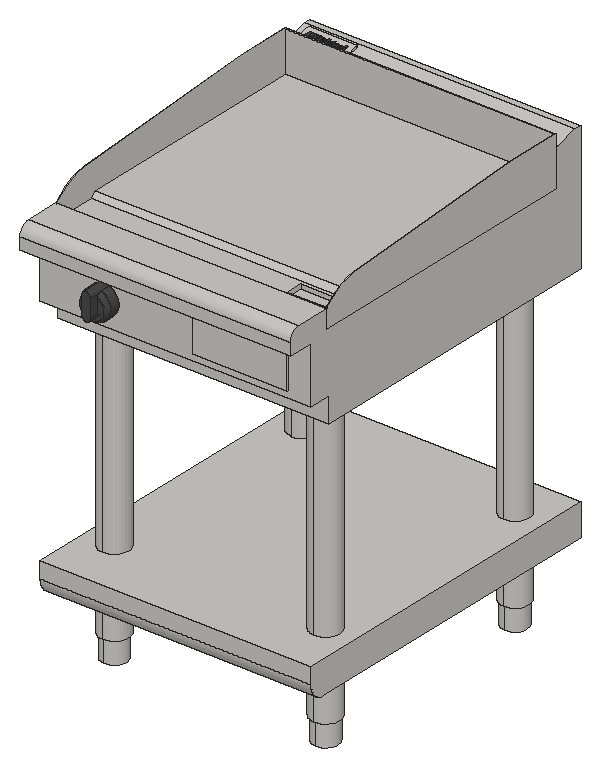
Revit family "QF_MOFFAT WALDORF_GPL8600E-LS", category Specialty Equipment, Revit 2012
Parameters
  Weight in Pounds = 260.1452  # constant formula
  Width [instance] = 600.00 mm  # constant formula
  Watts = 7200 W
  Volts = 240 V
  URL Cutsheet = "www.moffat.com"
  URL = "www.moffat.com"
  Type Mark [instance] = ""
  Status [instance] = ""
  Specification by User [instance] = ""
  Specification by Manufacturer = ""
  Show Logo [instance] = yes
  Show Casters [instance] = no
  Serial Number = ""
  Seismic Rating = ""
  SMACNA No = ""
  Revision Code [instance] = ""
  Phase = 1
  Omniclass Number and Title = ""
  Number of Poles = 1
  NAFEM Spec ID Number = ""
  Model = "GPL8600E-LS"
  Min Ckt Ampacity = 0 A
  Max Overcurrent Protection = 0 A
  Masterspec = ""
  Manufacturer = "MOFFAT WALDORF"
  Legs [instance] = not(Show Casters)  # yes
  Item Number [instance] = ""
  Installed By [instance] = ""
  Identify Quantity as Lot [instance] = yes
  Height = 970.00 mm  # constant formula
  HP = ""
  Furnished By [instance] = ""
  Foodservice Equipment Identifier [instance] = yes
  FL Amps = 30 A
  Elec Conn RI Height = 0.00 mm
  Elec Conn Connection Height = 0.00 mm
  Description = "GRIDDLE PLATE LOW SPLASHBACK ELECTRIC ON LEG STAND"
  Depth [instance] = 805.00 mm  # constant formula
  Cycle = 50 Hz
  Conn Plug = ""
  Conn Conduit = yes
  CSI MasterFormat = ""
  CSI Master Format = ""
  Back Splash [instance] = 215.00 mm  # constant formula
  Apparent Power = if(Phase = 3, Volts * FL Amps * 1.73, Volts * FL Amps)  # 7200 VA
Reference planes
  plane 1 "BACK": y = 0
  plane 2: z = 0
  plane 3 "LEFT": x = 0
  plane 4 "RIGHT": x = 600
  plane 5 "FRONT": y = -805
  plane 6 "TOP": z = 970
  plane 7 "Center Y": x = 300
  plane 8 "Center X": y = -402.5
  plane 9 "Base Height": z = 150
  plane 10: z = 915
  plane 11: x = 65
  plane 12: x = 534
  plane 13: y = -625
  plane 14: y = -100
  plane 15: x = 470
  plane 16: z = 710
  plane 17: y = -32
Forms (mm)
  Extrusion 1, solid, material "QF_Finishes_Stainless Steel"
    sketch origin (0, 0, 0) x (0, 1, 0) y (0, 0, 1)
      loop
        line (0, 222.5) -> (-749, 222.5) -> (-749, 188)
        arc (-749, 188) -> (-737.87, 161.13) -> (-711, 150) r 38
        line (-711, 150) -> (0, 150) -> (0, 222.5)
      loop
        line (-805, 891) -> (-805, 866) -> (-749, 866) -> (-749, 740) -> (-699, 740) -> (-699, 685) -> (0, 685) -> (0, 970) -> (-15, 970) -> (-61.106, 957.646)
        arc (-61.106, 957.646) -> (-67.52, 953.36) -> (-70, 946.055) r 12
        line (-70, 946.055) -> (-70, 875) -> (-705, 875) -> (-705, 915) -> (-781, 915)
        arc (-781, 915) -> (-797.971, 907.971) -> (-805, 891) r 24
    from 0 to 600
  Extrusion 2, solid, material "QF_Finishes_Stainless Steel"
    sketch origin (0, -699, 222.5) x (0, -1, 0) y (1, 0, 0)
      loop
        circle (-599, 65) r 31.75
      loop
        circle (-599, 534) r 31.75
      loop
        circle (-74, 65) r 31.75
      loop
        circle (-74, 534) r 31.75
    from 0 to 462.5
  Revolve 3, solid, material "QF_Finishes_Stainless Steel", visible <- "Legs"
    sketch origin (534, -210, 0) x (0, 1, 0) y (0, 0, -1)
      loop
        line (78.25, -150) -> (110, -150) -> (110, 0) -> (82.5, 0) -> (82.5, -50) -> (78.25, -50) -> (78.25, -150)
      axis (110, -150) -> (110, 0)
    angle from 0 to 360
  Revolve 4, solid, material "QF_Finishes_Stainless Steel"
    sketch origin (534, -735, 0) x (0, 1, 0) y (0, 0, -1)
      loop
        line (78.25, -150) -> (110, -150) -> (110, 0) -> (82.5, 0) -> (82.5, -50) -> (78.25, -50) -> (78.25, -150)
      axis (110, -150) -> (110, 0)
    angle from 0 to 360
  Revolve 5, solid, material "QF_Finishes_Stainless Steel", visible <- "Legs"
    sketch origin (65, -210, 0) x (0, 1, 0) y (0, 0, -1)
      loop
        line (78.25, -150) -> (110, -150) -> (110, 0) -> (82.5, 0) -> (82.5, -50) -> (78.25, -50) -> (78.25, -150)
      axis (110, -150) -> (110, 0)
    angle from 0 to 360
  Revolve 6, solid, material "QF_Finishes_Stainless Steel"
    sketch origin (65, -735, 0) x (0, 1, 0) y (0, 0, -1)
      loop
        line (78.25, -150) -> (110, -150) -> (110, 0) -> (82.5, 0) -> (82.5, -50) -> (78.25, -50) -> (78.25, -150)
      axis (110, -150) -> (110, 0)
    angle from 0 to 360
  Revolve 7, solid, material "QF_Finishes_Black"
    sketch origin (150, 0, 602.373) x (0, 1, 0) y (0, 0, -1)
      loop
        line (-782, -229.5) -> (-759, -229.5) -> (-759, -202) -> (-749, -202) -> (-749, -197) -> (-793, -197) -> (-793, -223.651) -> (-782, -229.5)
      axis (-793, -197) -> (-749, -197)
    angle from 0 to 360
  Extrusion 8, solid, material "QF_Finishes_Black"
    sketch origin (288.27, 0, 602.531) x (-1, 0, 0) y (0, 0, -1)
      loop
        arc (148.269, -184.969) -> (138.269, -174.969) -> (128.269, -184.969) r 10
        line (128.269, -184.969) -> (128.269, -223.969)
        arc (128.269, -223.969) -> (138.269, -233.969) -> (148.269, -223.969) r 10
        line (148.269, -223.969) -> (148.269, -184.969)
    from 759 to 808
  Extrusion 9, solid, material "QF_Finishes_Stainless Steel"
    sketch origin (0, -749, 866) x (0, 0, -1) y (1, 0, 0)
      loop
        line (24, 340) -> (111, 340) -> (111, 550) -> (24, 550) -> (24, 340)
    from 0 to 2.5
  Extrusion 10, solid, material "QF_Finishes_Stainless Steel"
    sketch origin (0, -751.5, 866) x (0, 0, -1) y (1, 0, 0)
      loop
        line (31, 550) -> (24, 550) -> (24, 340) -> (31, 340) -> (31, 550)
    from 0 to 5
  Extrusion 11, void
    sketch origin (0, -704, 740) x (1, 0, 0) y (0, -1, 0)
      loop
        circle (469.998, -672.017) r 10
    from 30 to 86.329
Cuts and joins
  joined: Extrusion 9, Extrusion 10
  Extrusion 11 cuts Extrusion 1
Lines and regions (mm)
  Split face 1
    outline origin (12.5, -17.878, 969.229) x (0, -0.965926, -0.258819) y (1, 0, 0)
      loop
        line (2.411, 151.462) -> (37.194, 151.462) -> (37.194, 169.241) -> (2.411, 169.241) -> (2.411, 151.462)
  Split face 2
    outline origin (66.25, -17.878, 969.229) x (0, -0.965926, -0.258819) y (1, 0, 0)
      loop
        line (2.411, 151.462) -> (37.194, 151.462) -> (37.194, 169.241) -> (2.411, 169.241) -> (2.411, 151.462)
  Split face 3
    outline origin (120, -17.878, 969.229) x (0, -0.965926, -0.258819) y (1, 0, 0)
      loop
        line (2.411, 151.462) -> (37.194, 151.462) -> (37.194, 169.241) -> (2.411, 169.241) -> (2.411, 151.462)
  Split face 4
    outline origin (173.75, -17.878, 969.229) x (0, -0.965926, -0.258819) y (1, 0, 0)
      loop
        line (2.411, 151.462) -> (37.194, 151.462) -> (37.194, 169.241) -> (2.411, 169.241) -> (2.411, 151.462)
  Split face 5
    outline origin (227.5, -17.878, 969.229) x (0, -0.965926, -0.258819) y (1, 0, 0)
      loop
        line (2.411, 151.462) -> (37.194, 151.462) -> (37.194, 169.241) -> (2.411, 169.241) -> (2.411, 151.462)
  Split face 6
    outline origin (281.25, -17.878, 969.229) x (0, -0.965926, -0.258819) y (1, 0, 0)
      loop
        line (2.411, 151.462) -> (37.194, 151.462) -> (37.194, 169.241) -> (2.411, 169.241) -> (2.411, 151.462)
  Split face 7
    outline origin (335, -17.878, 969.229) x (0, -0.965926, -0.258819) y (1, 0, 0)
      loop
        line (2.411, 151.462) -> (37.194, 151.462) -> (37.194, 169.241) -> (2.411, 169.241) -> (2.411, 151.462)
  symbolic lines
    curve 1: line (0, 0, 0) -> (0, -805, 0)
    curve 2: line (600, 0, 0) -> (0, 0, 0)
    curve 3: line (600, -805, 0) -> (600, 0, 0)
    curve 4: line (0, -70, 0) -> (600, -70, 0)
    curve 5: line (0, -805, 0) -> (600, -805, 0)
    curve 6: line (12.5, -20.958, 0) -> (121.5, -20.958, 0)
    curve 7: line (12.5, -51.234, 0) -> (12.5, -20.958, 0)
    curve 8: line (121.5, -20.958, 0) -> (121.5, -51.234, 0)
    curve 9: line (12.5, -51.234, 0) -> (121.5, -51.234, 0)
    curve 10: line (181.741, -21.168, 0) -> (181.741, -51.453, 0)
    curve 11: line (181.741, -51.453, 0) -> (163.962, -51.453, 0)
    curve 12: line (163.962, -51.453, 0) -> (163.962, -21.168, 0)
    curve 13: line (163.962, -21.168, 0) -> (181.741, -21.168, 0)
    curve 14: line (217.712, -51.453, 0) -> (217.712, -21.168, 0)
    curve 15: line (217.712, -21.168, 0) -> (235.491, -21.168, 0)
    curve 16: line (235.491, -21.168, 0) -> (235.491, -51.453, 0)
    curve 17: line (235.491, -51.453, 0) -> (217.712, -51.453, 0)
    curve 18: line (271.462, -51.453, 0) -> (271.462, -21.168, 0)
    curve 19: line (271.462, -21.168, 0) -> (289.241, -21.168, 0)
    curve 20: line (289.241, -21.168, 0) -> (289.241, -51.453, 0)
    curve 21: line (289.241, -51.453, 0) -> (271.462, -51.453, 0)
    curve 22: line (325.212, -21.168, 0) -> (325.212, -51.453, 0)
    curve 23: line (325.212, -51.453, 0) -> (342.991, -51.453, 0)
    curve 24: line (342.991, -51.453, 0) -> (342.991, -21.168, 0)
    curve 25: line (342.991, -21.168, 0) -> (325.212, -21.168, 0)
    curve 26: line (378.962, -51.453, 0) -> (378.962, -21.168, 0)
    curve 27: line (378.962, -21.168, 0) -> (396.741, -21.168, 0)
    curve 28: line (396.741, -21.168, 0) -> (396.741, -51.453, 0)
    curve 29: line (396.741, -51.453, 0) -> (378.962, -51.453, 0)
    curve 30: line (432.712, -21.168, 0) -> (432.712, -51.453, 0)
    curve 31: line (432.712, -51.453, 0) -> (450.491, -51.453, 0)
    curve 32: line (450.491, -51.453, 0) -> (450.491, -21.168, 0)
    curve 33: line (450.491, -21.168, 0) -> (432.712, -21.168, 0)
    curve 34: line (486.462, -51.453, 0) -> (486.462, -21.168, 0)
    curve 35: line (486.462, -21.168, 0) -> (504.241, -21.168, 0)
    curve 36: line (504.241, -21.168, 0) -> (504.241, -51.453, 0)
    curve 37: line (504.241, -51.453, 0) -> (486.462, -51.453, 0)
Dimensions and locks
  equal spacing: plane 3 "LEFT", plane 7 "Center Y", plane 4 "RIGHT"
  "Width": plane 3 "LEFT" to plane 4 "RIGHT"
  equal spacing: plane 5 "FRONT", plane 8 "Center X", plane 1 "BACK"
  "Depth": plane 5 "FRONT" to plane 1 "BACK"
  locked: plane 10 to level at 915
  locked: plane 9 "Base Height" to level at 150
  nested 1 to plane 6 "TOP" to nested 1 to plane 10 = 0.283 mm locked, 8.727 mm locked, 46.273 mm locked
  plane 13 to plane 14 = 525.00 mm
  plane 12 to plane 11 = 469.00 mm
  "Height": plane 6 "TOP" to level
  plane 15 to plane 4 "RIGHT" = 130.00 mm
  plane 16 to level = 710.00 mm
  plane 17 to plane 1 "BACK" = 32.00 mm
  aligned and locked: level to plane 2
Automatic sketch dimensions
  plane 1 "BACK" to curve 1 = 0.00 mm
  curve 1 to plane 3 "LEFT" = 0.00 mm
  curve 3 to plane 4 "RIGHT" = 0.00 mm
  plane 5 "FRONT" to curve 5 = 0.00 mm
  plane 3 "LEFT" to curve 6 = 12.50 mm
  plane 11 to curve 9 = 56.50 mm
  plane 14 to curve 4 = 30.00 mm
  curve 4 to curve 7 = 18.766 mm
  plane 1 "BACK" to curve 6 = 20.958 mm
  Extrusion 1 sketch curve to plane 5 "FRONT" = 0.00 mm
  Extrusion 1 sketch curve to plane 10 = 0.00 mm
  Extrusion 1 sketch curve to plane 9 "Base Height" = 0.00 mm
  Extrusion 1 sketch curve to plane 6 "TOP" = 0.00 mm
  Extrusion 1 sketch curve to plane 1 "BACK" = 0.00 mm  (x2)
  Extrusion 1 sketch curve to plane 5 "FRONT" = 24.00 mm
  Extrusion 1 sketch curve to plane 5 "FRONT" = 56.00 mm  (x2)
  Extrusion 1 sketch curve to Extrusion 1 sketch curve = 38.00 mm
  Extrusion 1 sketch curve to Extrusion 1 sketch curve = 44.00 mm
  Extrusion 1 sketch curve to Extrusion 1 sketch curve = 50.00 mm
  plane 14 to Extrusion 1 sketch curve = 30.00 mm
  Extrusion 1 sketch curve to Extrusion 1 sketch curve = 8.894 mm
  Extrusion 1 sketch curve to Extrusion 1 sketch curve = 3.106 mm
  Extrusion 1 sketch curve to Extrusion 1 sketch curve = 15.00 mm
  Extrusion 1 sketch curve to Extrusion 1 sketch curve = 72.50 mm
  Extrusion 1 sketch curve to plane 10 = 230.00 mm
  Extrusion 1 sketch curve to Extrusion 1 sketch curve = 55.00 mm
  Extrusion 1 sketch curve to Extrusion 1 sketch curve = 25.00 mm
  Extrusion 1 sketch curve to plane 10 = 40.00 mm
  Extrusion 1 sketch curve to plane 6 "TOP" = 23.945 mm
  Extrusion 2 sketch curve to Extrusion 2 sketch curve = 0.00 mm  (x8)
  Extrusion 1 to Extrusion 2 sketch curve = 68.25 mm  (x2)
  Extrusion 2 sketch curve to Extrusion 2 sketch curve = 31.75 mm  (x4)
  Extrusion 1 to Extrusion 2 sketch curve = 155.75 mm  (x2)
  Extrusion 1 to Extrusion 2 sketch curve = 65.00 mm  (x2)
  Extrusion 1 to Extrusion 2 sketch curve = 66.00 mm  (x2)
  Revolve 3 sketch curve to plane 9 "Base Height" = 0.00 mm
  Revolve 3 sketch curve to level = 0.00 mm
  Revolve 3 sketch curve to plane 14 = 0.00 mm  (x2)
  Revolve 3 sketch curve to plane 14 = 27.50 mm
  Revolve 3 sketch curve to plane 14 = 31.75 mm
  level to Revolve 3 sketch curve = 50.00 mm
  Revolve 3 sketch curve to Revolve 3 sketch curve = 0.00 mm
  Revolve 3 sketch curve to Revolve 3 sketch curve = 55.00 mm
  Revolve 4 sketch curve to plane 9 "Base Height" = 0.00 mm
  Revolve 4 sketch curve to level = 0.00 mm
  Revolve 4 sketch curve to plane 13 = 0.00 mm  (x2)
  Revolve 4 sketch curve to plane 13 = 27.50 mm
  Revolve 4 sketch curve to plane 13 = 31.75 mm
  level to Revolve 4 sketch curve = 50.00 mm
  Revolve 4 sketch curve to Revolve 4 sketch curve = 0.00 mm
  Revolve 4 sketch curve to Revolve 4 sketch curve = 55.00 mm
  Revolve 5 sketch curve to plane 9 "Base Height" = 0.00 mm
  Revolve 5 sketch curve to level = 0.00 mm
  Revolve 5 sketch curve to plane 14 = 0.00 mm  (x2)
  Revolve 5 sketch curve to plane 14 = 27.50 mm
  Revolve 5 sketch curve to plane 14 = 31.75 mm
  level to Revolve 5 sketch curve = 50.00 mm
  Revolve 5 sketch curve to Revolve 5 sketch curve = 0.00 mm
  Revolve 5 sketch curve to Revolve 5 sketch curve = 55.00 mm
  Revolve 6 sketch curve to plane 9 "Base Height" = 0.00 mm
  Revolve 6 sketch curve to level = 0.00 mm
  Revolve 6 sketch curve to plane 13 = 0.00 mm  (x2)
  Revolve 6 sketch curve to plane 13 = 27.50 mm
  Revolve 6 sketch curve to plane 13 = 31.75 mm
  level to Revolve 6 sketch curve = 50.00 mm
  Revolve 6 sketch curve to Revolve 6 sketch curve = 0.00 mm
  Revolve 6 sketch curve to Revolve 6 sketch curve = 55.00 mm
  Extrusion 1 to Split face 1 sketch curve = 5.391 mm
  Split face 1 sketch curve to Extrusion 1 = 7.559 mm
  Split face 1 sketch curve to Extrusion 1 = 163.962 mm
  Split face 1 sketch curve to Split face 1 sketch curve = 17.779 mm
  Extrusion 1 to Split face 2 sketch curve = 5.391 mm
  Split face 2 sketch curve to Extrusion 1 = 7.559 mm
  Split face 2 sketch curve to Extrusion 1 = 217.712 mm
  Split face 2 sketch curve to Split face 2 sketch curve = 17.779 mm
  Extrusion 1 to Split face 3 sketch curve = 5.391 mm
  Split face 3 sketch curve to Extrusion 1 = 7.559 mm
  Split face 3 sketch curve to Extrusion 1 = 271.462 mm
  Split face 3 sketch curve to Split face 3 sketch curve = 17.779 mm
  Extrusion 1 to Split face 4 sketch curve = 5.391 mm
  Split face 4 sketch curve to Extrusion 1 = 7.559 mm
  Split face 4 sketch curve to Extrusion 1 = 274.788 mm
  Split face 4 sketch curve to Split face 4 sketch curve = 17.779 mm
  Extrusion 1 to Split face 5 sketch curve = 5.391 mm
  Split face 5 sketch curve to Extrusion 1 = 7.559 mm
  Split face 5 sketch curve to Extrusion 1 = 221.038 mm
  Split face 5 sketch curve to Split face 5 sketch curve = 17.779 mm
  Extrusion 1 to Split face 6 sketch curve = 5.391 mm
  Split face 6 sketch curve to Extrusion 1 = 7.559 mm
  Split face 6 sketch curve to Extrusion 1 = 167.288 mm
  Split face 6 sketch curve to Split face 6 sketch curve = 17.779 mm
  Extrusion 1 to Split face 7 sketch curve = 5.391 mm
  Split face 7 sketch curve to Extrusion 1 = 7.559 mm
  Split face 7 sketch curve to Extrusion 1 = 113.538 mm
  Split face 7 sketch curve to Split face 7 sketch curve = 17.779 mm
  curve 8 to curve 12 = 42.462 mm
  curve 12 to curve 13 = 17.779 mm
  curve 12 to curve 8 = 0.219 mm
  plane 1 "BACK" to curve 10 = 21.168 mm
  curve 10 to curve 15 = 35.971 mm
  curve 14 to curve 17 = 17.779 mm
  curve 10 to curve 17 = 0.00 mm
  plane 1 "BACK" to curve 15 = 21.168 mm
  curve 18 to plane 7 "Center Y" = 28.538 mm
  curve 21 to plane 7 "Center Y" = 10.759 mm
  curve 16 to curve 18 = 0.00 mm
  plane 1 "BACK" to curve 20 = 21.168 mm
  plane 7 "Center Y" to curve 23 = 25.212 mm
  curve 22 to curve 25 = 17.779 mm
  plane 14 to curve 24 = 48.547 mm
  plane 1 "BACK" to curve 25 = 21.168 mm
  curve 24 to curve 27 = 35.971 mm
  curve 26 to curve 29 = 17.779 mm
  plane 14 to curve 29 = 48.547 mm
  plane 1 "BACK" to curve 26 = 21.168 mm
  curve 28 to curve 30 = 35.971 mm
  curve 30 to curve 33 = 17.779 mm
  plane 14 to curve 32 = 48.547 mm
  plane 1 "BACK" to curve 33 = 21.168 mm
  curve 31 to curve 34 = 35.971 mm
  curve 34 to curve 37 = 17.779 mm
  plane 14 to curve 37 = 48.547 mm
  plane 1 "BACK" to curve 34 = 21.168 mm
  Revolve 7 sketch curve to plane 5 "FRONT" = 12.00 mm
  Revolve 7 sketch curve to Revolve 7 sketch curve = 0.00 mm  (x2)
  Revolve 7 sketch curve to Revolve 7 sketch curve = 11.00 mm
  Revolve 7 sketch curve to Revolve 7 sketch curve = 12.70 mm
  Revolve 7 sketch curve to Revolve 7 sketch curve = 23.00 mm
  Revolve 7 sketch curve to Revolve 7 sketch curve = 10.00 mm
  plane 9 "Base Height" to Revolve 7 sketch curve = 681.873 mm
  Revolve 7 sketch curve to Revolve 7 sketch curve = 5.849 mm
  Revolve 7 sketch curve to Revolve 7 sketch curve = 27.50 mm
  Revolve 7 sketch curve to Revolve 7 sketch curve = 5.00 mm
  plane 11 to Extrusion 8 sketch curve = 95.001 mm
  Extrusion 8 sketch curve to Extrusion 8 sketch curve = 10.00 mm
  plane 9 "Base Height" to Extrusion 8 sketch curve = 676.50 mm
  plane 9 "Base Height" to Extrusion 8 sketch curve = 637.50 mm
  Extrusion 10 sketch curve to Extrusion 9 = 0.00 mm  (x2)
  Extrusion 9 to Extrusion 10 sketch curve = 0.00 mm
  Extrusion 10 sketch curve to Extrusion 9 = 7.00 mm
  Extrusion 1 to Extrusion 9 sketch curve = 24.00 mm
  Extrusion 9 sketch curve to Extrusion 1 = 15.00 mm
  Extrusion 1 to Extrusion 9 sketch curve = 260.00 mm
  Extrusion 1 to Extrusion 9 sketch curve = 50.00 mm
  Extrusion 11 sketch curve to Extrusion 1 = 130.002 mm
  Extrusion 11 sketch curve to Extrusion 1 = 667.017 mm
  radius of Extrusion 11 sketch curve = 10.00 mm
Nested families
  nested 1: "WALDORF-LOGO" at (12.5, -35.273, 948.036), visible <- "Show Logo", type "WALDORF-LOGO", detail levels medium+fine
    with Type Mark "", Status "", Specification by User "", Revision Code "", Item Number "", Installed By "", Identify Quantity as Lot yes, Furnished By "", Foodservice Equipment Identifier yes
  nested 2: "GPL8600E-LS-CASTERS" at (65, -127.5, 0), Show Casters <- "Show Casters", visible <- "Show Casters", type "GPL8600E-LS-CASTERS"
    with Type Mark "", Status "", Specification by User "", Show Casters no, Revision Code "", Item Number "", Installed By "", Identify Quantity as Lot yes, Furnished By "", Foodservice Equipment Identifier yes
  nested 3: "GPL8600E-LS-CASTERS" at (535, -127.5, 0), Show Casters <- "Show Casters", visible <- "Show Casters", type "GPL8600E-LS-CASTERS"
    with Type Mark "", Status "", Specification by User "", Show Casters no, Revision Code "", Item Number "", Installed By "", Identify Quantity as Lot yes, Furnished By "", Foodservice Equipment Identifier yes
  nested 4: "GAS GRIDDLE PLATE" at (0, -70, 874.5), type "GAS GRIDDLE PLATE"
    with Type Mark "", Status "", Specification by User "", Show Clearance yes, Revision Code "", Number of Poles 1, Mechanical Remarks "", Mechanical Connection Type "", Item Number "", Installed By "", Identify Quantity as Lot yes, Gas RI Height 0.00 mm, Gas KW 0, Gas Input 0.0 Btu/h, Furnished By "", Foodservice Equipment Identifier yes, Electrical Remarks "", Electric Connection Type "", Elec Conn RI Height 0.00 mm, Elec Conn Connection Height 0.00 mm
Connectors
  electrical at (469.998, -31.983, 710), driven by "Volts", driven by "Watts"
    settings: on cut or joined group of Extrusion 1, Extrusion 11, index 1, voltage 240 V, apparent load 7200 VA, apparent load phase1 0 VA, apparent load phase2 0 VA, apparent load phase3 0 VA, power factor 1, load classification "Other", number of poles 1, system type 30, power factor state 1, is connector primary yes, connector utility no, sub classification motor no, connector description "ELECTRICAL CONNECTION"
Definition of nested family "WALDORF-LOGO"
  Parameters (values of type "WALDORF-LOGO")
    Weight in Pounds = 0
    URL Cutsheet = ""
    Type Mark [instance] = ""
    Status [instance] = ""
    Specification by User [instance] = ""
    Specification by Manufacturer = ""
    Show Logo [instance] = yes
    Serial Number = ""
    Seismic Rating = ""
    SMACNA No = ""
    Revision Code [instance] = ""
    Omniclass Number and Title = ""
    NAFEM Spec ID Number = ""
    Masterspec = ""
    Item Number [instance] = ""
    Installed By [instance] = ""
    Identify Quantity as Lot [instance] = yes
    Furnished By [instance] = ""
    Foodservice Equipment Identifier [instance] = yes
    CSI MasterFormat = ""
    CSI Master Format = ""
  Reference planes
    plane 1 "BACK": y = 0
    plane 2: z = 0
    plane 3 "LEFT": x = 0
    plane 4 "RIGHT": x = 109
    plane 5 "FRONT": y = -1.588
    plane 6 "TOP": z = 34.14
    plane 7 "Center Y": x = 54.5
    plane 8 "Center X": y = -0.794
  Forms (mm)
    Extrusion 1, solid, material "QF_Finishes_Stainless Steel", visible <- "Show Logo"
      sketch origin (0, -16.844, 11.705) x (1, 0, 0) y (0, 0.964546, 0.263916)
        loop
          arc (5, 34.14) -> (1.464, 32.676) -> (0, 29.14) r 5
          line (0, 29.14) -> (0, 5)
          arc (0, 5) -> (1.464, 1.464) -> (5, 0) r 5
          line (5, 0) -> (104, 0)
          arc (104, 0) -> (107.536, 1.464) -> (109, 5) r 5
          line (109, 5) -> (109, 29.14)
          arc (109, 29.14) -> (107.536, 32.676) -> (104, 34.14) r 5
          line (104, 34.14) -> (5, 34.14)
      from 0 to 1.588
    Extrusion 2, solid, material "QF_Finishes_Black", visible <- "Show Logo"
      sketch origin (0, -17.263, 13.237) x (1, 0, 0) y (0, 0.964546, 0.263916)
        loop
          line (24.772, 23.214) -> (27.992, 10.301) -> (31.551, 10.301) -> (33.443, 17.364) -> (35.205, 10.301) -> (39.332, 10.301) -> (42.077, 23.214) -> (38.352, 23.214) -> (36.676, 15.33) -> (35, 23.214) -> (31.752, 23.214) -> (30.076, 15.33) -> (28.4, 23.214) -> (24.772, 23.214)
        loop
          line (42.272, 17.055) -> (45.703, 17.055)
          spline (45.703, 17.055) -> (45.741, 17.285) -> (45.852, 17.499) -> (46.028, 17.682) -> (46.258, 17.823) -> (46.526, 17.912) -> (46.813, 17.942) -> (47.1, 17.912) -> (47.368, 17.823) -> (47.597, 17.682) -> (47.774, 17.499) -> (47.884, 17.285) -> (47.922, 17.055)
          line (47.922, 17.055) -> (47.922, 16.222)
          arc (47.922, 16.222) -> (45.742, 16.014) -> (43.665, 15.317) r 9.604
          arc (43.665, 15.317) -> (41.924, 12.809) -> (43.665, 10.301) r 2.677
          arc (43.665, 10.301) -> (45.527, 10.353) -> (47.332, 10.816) r 8.365
          line (47.332, 10.816) -> (48.092, 11.105) -> (48.092, 10.301) -> (51.817, 10.301) -> (51.817, 17.055)
          spline (51.817, 17.055) -> (51.654, 17.821) -> (51.178, 18.535) -> (50.419, 19.148) -> (49.431, 19.619) -> (48.28, 19.914) -> (47.044, 20.015) -> (45.809, 19.914) -> (44.658, 19.619) -> (43.67, 19.148) -> (42.911, 18.535) -> (42.434, 17.821) -> (42.272, 17.055)
        loop
          line (53.151, 23.214) -> (53.151, 10.301) -> (57.37, 10.301) -> (57.37, 23.214) -> (53.151, 23.214)
        loop
          line (64.874, 23.214) -> (64.874, 18.857)
          arc (64.874, 18.857) -> (58.083, 15.11) -> (64.874, 11.363) r 4.429
          line (64.874, 11.363) -> (64.874, 10.301) -> (68.378, 10.301) -> (68.378, 23.214) -> (64.874, 23.214)
        loop
          arc (64.874, 16.083) -> (61.41, 14.987) -> (64.874, 13.891) r 1.905
          line (64.874, 13.891) -> (64.874, 16.083)
        loop
          circle (74.623, 15.223) r 5
        loop
          spline (74.623, 17.856) -> (74.355, 17.766) -> (74.105, 17.503) -> (73.891, 17.084) -> (73.726, 16.539) -> (73.623, 15.904) -> (73.588, 15.223) -> (73.623, 14.541) -> (73.726, 13.906) -> (73.891, 13.361) -> (74.105, 12.942) -> (74.355, 12.679) -> (74.623, 12.59)
          spline (74.623, 12.59) -> (74.891, 12.679) -> (75.141, 12.942) -> (75.355, 13.361) -> (75.52, 13.906) -> (75.623, 14.541) -> (75.659, 15.223) -> (75.623, 15.904) -> (75.52, 16.539) -> (75.355, 17.084) -> (75.141, 17.503) -> (74.891, 17.766) -> (74.623, 17.856)
        loop
          line (81.255, 19.813) -> (81.255, 10.301) -> (84.834, 10.301) -> (84.834, 14.176)
          arc (84.834, 14.176) -> (85.854, 16.093) -> (88.013, 16.32) r 2.313
          line (88.013, 16.32) -> (88.013, 19.813) -> (87.161, 19.813)
          arc (87.161, 19.813) -> (85.526, 19.266) -> (84.549, 17.844) r 2.717
          line (84.549, 17.844) -> (84.549, 19.813) -> (81.255, 19.813)
        loop
          line (90.249, 19.813) -> (88.91, 19.813) -> (88.91, 17.614) -> (90.249, 17.614) -> (90.249, 10.301) -> (93.998, 10.301) -> (93.998, 17.614) -> (95.418, 17.614) -> (95.418, 19.813) -> (93.998, 19.813)
          arc (93.998, 19.813) -> (94.414, 20.817) -> (95.418, 21.233) r 1.42
          line (95.418, 21.233) -> (95.418, 23.602) -> (93.317, 23.602)
          arc (93.317, 23.602) -> (91.343, 22.903) -> (90.249, 21.118) r 3.137
          line (90.249, 21.118) -> (90.249, 19.813)
        loop
          arc (15.241, 23.571) -> (8.392, 16.525) -> (15.241, 9.479) r 7.049
          line (15.241, 9.479) -> (15.241, 23.571)
        loop
          line (15.641, 23.571) -> (15.641, 9.479)
          arc (15.641, 9.479) -> (22.49, 16.525) -> (15.641, 23.571) r 7.049
        loop
          arc (47.922, 14.711) -> (46.266, 13.749) -> (47.922, 12.787) r 1.107
          line (47.922, 12.787) -> (47.922, 14.711)
      from 0 to 0.2
  Dimensions and locks
    equal spacing: plane 3 "LEFT", plane 7 "Center Y", plane 4 "RIGHT"
    plane 3 "LEFT" to plane 4 "RIGHT" = 109.00 mm
    equal spacing: plane 5 "FRONT", plane 8 "Center X", plane 1 "BACK"
    plane 5 "FRONT" to plane 1 "BACK" = 1.588 mm
    aligned and locked: level to plane 2
  Automatic sketch dimensions
    Extrusion 1 sketch curve to plane 3 "LEFT" = 0.00 mm
    Extrusion 1 sketch curve to plane 4 "RIGHT" = 0.00 mm
    plane 3 "LEFT" to Extrusion 1 sketch curve = 5.00 mm  (x2)
    plane 4 "RIGHT" to Extrusion 1 sketch curve = 5.00 mm
    Extrusion 1 sketch curve to Extrusion 1 sketch curve = 5.00 mm
    Extrusion 1 sketch curve to Extrusion 1 sketch curve = 24.14 mm
    Extrusion 2 sketch curve to Extrusion 2 sketch curve = 0.00 mm  (x14)
    Extrusion 2 sketch curve to Extrusion 1 = 15.241 mm
    Extrusion 2 sketch curve to Extrusion 2 sketch curve = 0.20 mm
    Extrusion 2 sketch curve to Extrusion 2 sketch curve = 0.40 mm
    Extrusion 2 sketch curve to Extrusion 2 sketch curve = 9.131 mm
    Extrusion 2 sketch curve to Extrusion 1 = 10.301 mm  (x2)
    Extrusion 2 sketch curve to Extrusion 2 sketch curve = 12.351 mm
    Extrusion 2 sketch curve to Extrusion 2 sketch curve = 3.628 mm
    Extrusion 2 sketch curve to Extrusion 2 sketch curve = 2.084 mm
    Extrusion 2 sketch curve to Extrusion 2 sketch curve = 3.559 mm
    Extrusion 2 sketch curve to Extrusion 1 = 10.926 mm  (x2)
    Extrusion 2 sketch curve to Extrusion 2 sketch curve = 3.352 mm  (x2)
    Extrusion 2 sketch curve to Extrusion 2 sketch curve = 3.367 mm
    Extrusion 2 sketch curve to Extrusion 2 sketch curve = 3.249 mm
    Extrusion 2 sketch curve to Extrusion 2 sketch curve = 3.654 mm
    Extrusion 2 sketch curve to Extrusion 1 = 15.33 mm
    Extrusion 2 sketch curve to Extrusion 2 sketch curve = 3.233 mm
    Extrusion 2 sketch curve to Extrusion 2 sketch curve = 4.128 mm
    Extrusion 2 sketch curve to Extrusion 2 sketch curve = 3.725 mm
    Extrusion 2 sketch curve to Extrusion 2 sketch curve = 5.596 mm
    Extrusion 2 sketch curve to Extrusion 2 sketch curve = 4.333 mm
    Extrusion 2 sketch curve to Extrusion 2 sketch curve = 1.394 mm
    Extrusion 2 sketch curve to Extrusion 2 sketch curve = 2.092 mm
    Extrusion 2 sketch curve to Extrusion 2 sketch curve = 0.936 mm
    Extrusion 2 sketch curve to Extrusion 2 sketch curve = 1.34 mm
    Extrusion 2 sketch curve to Extrusion 2 sketch curve = 1.109 mm
    Extrusion 2 sketch curve to Extrusion 2 sketch curve = 0.232 mm
    Extrusion 2 sketch curve to Extrusion 2 sketch curve = 2.731 mm
    Extrusion 2 sketch curve to Extrusion 2 sketch curve = 0.549 mm  (x2)
    Extrusion 2 sketch curve to Extrusion 2 sketch curve = 0.407 mm
    Extrusion 2 sketch curve to Extrusion 2 sketch curve = 0.76 mm
    Extrusion 2 sketch curve to Extrusion 2 sketch curve = 1.334 mm
    Extrusion 2 sketch curve to Extrusion 2 sketch curve = 4.219 mm
    Extrusion 2 sketch curve to Extrusion 2 sketch curve = 5.142 mm
    Extrusion 2 sketch curve to Extrusion 2 sketch curve = 0.803 mm
    Extrusion 2 sketch curve to Extrusion 2 sketch curve = 1.558 mm
    Extrusion 2 sketch curve to Extrusion 2 sketch curve = 3.504 mm
    Extrusion 2 sketch curve to Extrusion 2 sketch curve = 6.245 mm
    Extrusion 2 sketch curve to Extrusion 2 sketch curve = 6.632 mm
    Extrusion 2 sketch curve to Extrusion 2 sketch curve = 3.294 mm
    Extrusion 2 sketch curve to Extrusion 2 sketch curve = 3.579 mm
    Extrusion 2 sketch curve to Extrusion 2 sketch curve = 2.313 mm
    Extrusion 2 sketch curve to Extrusion 2 sketch curve = 2.612 mm
    Extrusion 2 sketch curve to Extrusion 2 sketch curve = 0.852 mm
    Extrusion 2 sketch curve to Extrusion 2 sketch curve = 0.897 mm
    Extrusion 2 sketch curve to Extrusion 2 sketch curve = 3.102 mm
    Extrusion 2 sketch curve to Extrusion 2 sketch curve = 1.338 mm
    Extrusion 2 sketch curve to Extrusion 2 sketch curve = 3.068 mm
    Extrusion 2 sketch curve to Extrusion 2 sketch curve = 0.681 mm
    Extrusion 2 sketch curve to Extrusion 2 sketch curve = 3.749 mm
    Extrusion 2 sketch curve to Extrusion 2 sketch curve = 1.42 mm
    Extrusion 2 sketch curve to Extrusion 2 sketch curve = 5.029 mm  (x2)
    Extrusion 2 sketch curve to Extrusion 1 = 9.479 mm
    Extrusion 2 sketch curve to Extrusion 2 sketch curve = 3.681 mm
    Extrusion 2 sketch curve to Extrusion 2 sketch curve = 0.515 mm
    Extrusion 2 sketch curve to Extrusion 2 sketch curve = 0.804 mm
    Extrusion 2 sketch curve to Extrusion 2 sketch curve = 1.062 mm
    Extrusion 2 sketch curve to Extrusion 2 sketch curve = 1.682 mm
    Extrusion 2 sketch curve to Extrusion 2 sketch curve = 2.508 mm
    Extrusion 2 sketch curve to Extrusion 2 sketch curve = 0.962 mm
    Extrusion 2 sketch curve to Extrusion 2 sketch curve = 2.528 mm
    Extrusion 2 sketch curve to Extrusion 2 sketch curve = 3.875 mm
    Extrusion 2 sketch curve to Extrusion 2 sketch curve = 1.096 mm
    Extrusion 2 sketch curve to Extrusion 2 sketch curve = 0.123 mm
    Extrusion 2 sketch curve to Extrusion 2 sketch curve = 4.922 mm
    Extrusion 2 sketch curve to Extrusion 2 sketch curve = 7.046 mm
    Extrusion 2 sketch curve to Extrusion 2 sketch curve = 0.833 mm
    Extrusion 2 sketch curve to Extrusion 2 sketch curve = 0.776 mm
    Extrusion 2 sketch curve to Extrusion 2 sketch curve = 2.034 mm
    Extrusion 2 sketch curve to Extrusion 2 sketch curve = 7.314 mm
    Extrusion 2 sketch curve to Extrusion 2 sketch curve = 1.295 mm
    Extrusion 2 sketch curve to Extrusion 2 sketch curve = 0.749 mm
    Extrusion 2 sketch curve to Extrusion 2 sketch curve = 2.633 mm
    Extrusion 2 sketch curve to Extrusion 2 sketch curve = 2.198 mm  (x2)
    Extrusion 2 sketch curve to Extrusion 2 sketch curve = 1.968 mm
    Extrusion 2 sketch curve to Extrusion 2 sketch curve = 0.653 mm
    Extrusion 2 sketch curve to Extrusion 2 sketch curve = 1.305 mm
    Extrusion 2 sketch curve to Extrusion 2 sketch curve = 4.357 mm
    Extrusion 2 sketch curve to Extrusion 2 sketch curve = 6.159 mm
    radius of Extrusion 2 sketch curve = 5.00 mm
Definition of nested family "GAS GRIDDLE PLATE"
  Parameters (values of type "GAS GRIDDLE PLATE_LOW")
    Weight in Pounds = 0
    Watts = 0 W
    Volts = 0 V
    URL Cutsheet = ""
    Type Mark [instance] = ""
    Status [instance] = ""
    Specification by User [instance] = ""
    Specification by Manufacturer = ""
    Show Clearance [instance] = yes
    Serial Number = ""
    Seismic Rating = ""
    SMACNA No = ""
    Revision Code [instance] = ""
    Phase = 1
    Omniclass Number and Title = ""
    Number of Poles [instance] = 1
    NAFEM Spec ID Number = ""
    Min Ckt Ampacity = 0 A
    Mechanical Remarks [instance] = ""
    Mechanical Connection Type [instance] = ""
    Max Overcurrent Protection = 0 A
    Masterspec = ""
    Item Number [instance] = ""
    Installed By [instance] = ""
    Identify Quantity as Lot [instance] = yes
    HP = ""
    Gas Size = 0"
    Gas RI Height [instance] = 0.00 mm
    Gas KW [instance] = 0
    Gas Input [instance] = 0.0 Btu/h
    Gas Connection Height = 0.00 mm
    Furnished By [instance] = ""
    Foodservice Equipment Identifier [instance] = yes
    FL Amps = 0 A
    Electrical Remarks [instance] = ""
    Electric Connection Type [instance] = ""
    Elec Conn RI Height [instance] = 0.00 mm
    Elec Conn Connection Height [instance] = 0.00 mm
    Cycle = 0 Hz
    Conn Plug = ""
    Conn Conduit = yes
    CSI MasterFormat = ""
    CSI Master Format = ""
    Apparent Power = if(Phase = 3, Volts * FL Amps * 1.73, Volts * FL Amps)  # 0 VA
  Reference planes
    plane 1 "BACK": y = 0
    plane 2: z = 0
    plane 3 "LEFT": x = 0
    plane 4 "RIGHT": x = 600
    plane 5 "FRONT": y = -634.4
    plane 6 "TOP": z = 142.5
    plane 7 "Center Y": x = 300
    plane 8 "Center X": y = -317.2
  Forms (mm)
    Extrusion 1, solid, material "QF_Finishes_Stainless Steel"
      sketch origin (0, 70.003, -874.5) x (0, 1, 0) y (0, 0, 1)
        loop
          line (-70, 875) -> (-70, 984.5) -> (-191.003, 984.5) -> (-626.368, 954.056)
          arc (-626.368, 954.056) -> (-652.773, 948.564) -> (-676.75, 936.215) r 100
          line (-676.75, 936.215) -> (-704.403, 916.852) -> (-704.403, 875) -> (-70, 875)
      from 0 to 1.8
    Extrusion 2, solid, material "QF_Finishes_Stainless Steel"
      sketch origin (600, 70.003, -874.5) x (0, -1, 0) y (0, 0, 1)
        loop
          line (70, 875) -> (704.403, 875) -> (704.403, 916.852) -> (676.75, 936.215)
          arc (676.75, 936.215) -> (652.773, 948.564) -> (626.368, 954.056) r 100
          line (626.368, 954.056) -> (191.003, 984.5) -> (70, 984.5) -> (70, 875)
      from 0 to 1.2
    Extrusion 3, solid, material "QF_Finishes_Stainless Steel"
      sketch origin (150, 70.003, -874.5) x (0, 1, 0) y (0, 0, 1)
        loop
          line (-70, 895) -> (-601, 895) -> (-611.5, 884.5) -> (-704.403, 884.5) -> (-704.403, 875) -> (-70, 875) -> (-70, 895)
      from -148.2 to 448.8
    Extrusion 4, void
      sketch origin (150, -541.497, 10) x (0, -1, 0) y (1, 0, 0)
        loop
          line (10, 414.3) -> (10, 325.8) -> (48.5, 325.8) -> (48.5, 414.3) -> (10, 414.3)
      from -41.4 to 40.142
    Extrusion 5, solid, material "QF_Finishes_Stainless Steel"
      sketch origin (150, 0.003, 211.574) x (0, 0, -1) y (1, 0, 0)
        loop
          line (101.574, -148.2) -> (191.074, -148.2) -> (191.074, 448.8) -> (101.574, 448.8) -> (101.574, -148.2)
      from 0 to 1.683
  Cuts and joins
    Extrusion 4 cuts Extrusion 3
  Lines and regions (mm)
    symbolic lines
      curve 1: line (598.8, -530.997, 0) -> (1.8, -530.997, 0)
      curve 2: line (1.8, -541.497, 0) -> (598.8, -541.497, 0)
      curve 3: line (475.8, -551.497, 0) -> (475.8, -589.997, 0)
      curve 4: line (475.8, -589.997, 0) -> (564.3, -589.997, 0)
      curve 5: line (564.3, -589.997, 0) -> (564.3, -551.497, 0)
      curve 6: line (564.3, -551.497, 0) -> (475.8, -551.497, 0)
      curve 7: line (1.8, -1.68, 0) -> (598.8, -1.68, 0)
      curve 8: line (598.8, 0, 0) -> (598.8, -634.4, 0)
      curve 9: line (1.8, -634.4, 0) -> (1.8, 0, 0)
      curve 10: line (1.8, -634.4, 0) -> (598.8, -634.4, 0)
  Dimensions and locks
    equal spacing: plane 3 "LEFT", plane 7 "Center Y", plane 4 "RIGHT"
    plane 3 "LEFT" to plane 4 "RIGHT" = 600.00 mm
    equal spacing: plane 5 "FRONT", plane 8 "Center X", plane 1 "BACK"
    plane 5 "FRONT" to plane 1 "BACK" = 634.40 mm
    aligned and locked: level to plane 2
  Automatic sketch dimensions
    plane 1 "BACK" to Extrusion 1 sketch curve = 634.40 mm
    level to Extrusion 1 sketch curve = 0.50 mm
    level to Extrusion 2 sketch curve = 0.50 mm
    plane 1 "BACK" to Extrusion 3 sketch curve = 634.40 mm
    level to Extrusion 3 sketch curve = 10.00 mm
    plane 1 "BACK" to Extrusion 3 sketch curve = 541.497 mm
    Extrusion 3 sketch curve to Extrusion 3 sketch curve = 10.50 mm
    level to Extrusion 3 sketch curve = 0.50 mm
    Extrusion 3 sketch curve to Extrusion 3 sketch curve = 531.00 mm
    level to Extrusion 3 sketch curve = 20.50 mm
    Extrusion 3 to Extrusion 4 sketch curve = 10.00 mm
    Extrusion 4 sketch curve to Extrusion 4 sketch curve = 38.50 mm
    Extrusion 3 to Extrusion 4 sketch curve = 123.00 mm
    Extrusion 3 to Extrusion 4 sketch curve = 34.50 mm
    plane 3 "LEFT" to Extrusion 5 sketch curve = 598.80 mm
    Extrusion 5 sketch curve to plane 6 "TOP" = 32.50 mm
    level to Extrusion 5 sketch curve = 20.50 mm
    Extrusion 5 sketch curve to Extrusion 5 sketch curve = 597.00 mm
    plane 5 "FRONT" to curve 10 = 0.00 mm
    plane 3 "LEFT" to curve 1 = 1.80 mm
    curve 4 to plane 5 "FRONT" = 44.403 mm
    plane 4 "RIGHT" to curve 4 = 124.20 mm
    plane 4 "RIGHT" to curve 5 = 35.70 mm
    plane 4 "RIGHT" to curve 8 = 1.20 mm
    curve 3 to curve 3 = 38.50 mm
    curve 9 to curve 2 = 92.903 mm
    curve 2 to curve 1 = 10.50 mm
    plane 1 "BACK" to curve 9 = 0.00 mm
    curve 7 to curve 9 = 0.00 mm
    plane 1 "BACK" to curve 8 = 0.00 mm
    plane 4 "RIGHT" to curve 7 = 1.20 mm
    plane 1 "BACK" to curve 7 = 1.68 mm
    Extrusion 2 sketch curve to Extrusion 2 sketch curve = 41.852 mm
    Extrusion 2 sketch curve to plane 6 "TOP" = 32.50 mm
    Extrusion 2 sketch curve to level = 20.20 mm
    Extrusion 2 sketch curve to plane 5 "FRONT" = 85.011 mm
    Extrusion 2 sketch curve to plane 5 "FRONT" = 78.035 mm
    Extrusion 2 sketch curve to plane 5 "FRONT" = 27.653 mm
    Extrusion 2 sketch curve to Extrusion 2 sketch curve = 19.363 mm
    plane 1 "BACK" to Extrusion 2 sketch curve = 121.00 mm
    Extrusion 2 sketch curve to plane 1 "BACK" = 0.003 mm
    plane 5 "FRONT" to Extrusion 2 sketch curve = 0.00 mm
    Extrusion 1 sketch curve to plane 1 "BACK" = 0.003 mm
    Extrusion 1 sketch curve to Extrusion 1 sketch curve = 41.852 mm
    Extrusion 1 sketch curve to plane 5 "FRONT" = 27.653 mm
    Extrusion 1 sketch curve to Extrusion 1 sketch curve = 19.363 mm
    Extrusion 1 sketch curve to Extrusion 1 sketch curve = 50.382 mm
    Extrusion 1 sketch curve to level = 20.20 mm
    Extrusion 1 sketch curve to plane 5 "FRONT" = 85.011 mm
    Extrusion 1 sketch curve to plane 6 "TOP" = 32.50 mm
    plane 1 "BACK" to Extrusion 1 sketch curve = 121.00 mm
Definition of nested family "GPL8600E-LS-CASTERS"
  Parameters (values of type "BT8600-LS-CASTERS")
    Weight = ""
    URL Manufacturer = ""
    URL Cutsheet = ""
    URL = ""
    Type Mark [instance] = ""
    Status [instance] = ""
    Specification by User [instance] = ""
    Specification by Manufacturer = ""
    Show Casters [instance] = no
    Serial Number = ""
    Seismic Rating = ""
    SMACNA No = ""
    Revision Code [instance] = ""
    Omniclass Number and Title = ""
    NAFEM Spec ID Number = ""
    Model = ""
    MasterSpec. = ""
    Manufacturer = ""
    Item Number [instance] = ""
    Installed By [instance] = ""
    Identify Quantity as Lot [instance] = yes
    Furnished By [instance] = ""
    Foodservice Equipment Identifier [instance] = yes
    Description = ""
    CSI MasterFormat = ""
    CSI Master Format = ""
    Assembly Code = ""
  Reference planes
    plane 1: z = 0
    plane 2 "RIGHT": x = 0
    plane 3 "FRONT": y = 0
    plane 4 "Base Height": z = 150
  Forms (mm)
    Revolve 1, solid, material "QF_Finishes_Stainless Steel", visible <- "Show Casters"
      sketch origin (0, 56.335, 0) x (0, 1, 0) y (0, 0, 1)
        loop
          line (-56.335, 152.4) -> (-56.335, 141.118) -> (-23.798, 141.118) -> (-23.798, 152.4) -> (-56.335, 152.4)
        axis (-56.335, 141.118) -> (-56.335, 152.4)
      angle from 0 to 360
    Extrusion 2, solid, material "QF_Finishes_Stainless Steel", visible <- "Show Casters"
      sketch origin (-46.049, 56.335, 0) x (0, 1, 0) y (0, 0, 1)
        loop
          line (-85.799, 141.118) -> (-85.799, 133.498) -> (-82.136, 133.498)
          arc (-82.136, 133.498) -> (-79.344, 132.328) -> (-77.146, 130.248) r 8.432
          line (-77.146, 130.248) -> (-39.502, 49.52)
          arc (-39.502, 49.52) -> (-13.784, 46.107) -> (-5.673, 70.75) r 20.32
          arc (-5.673, 70.75) -> (-7.065, 73.611) -> (-8.887, 76.22) r 20.32
          arc (-8.887, 76.22) -> (-9.399, 85.377) -> (-6.626, 94.119) r 25.4
          line (-6.626, 94.119) -> (8.003, 121.632)
          arc (8.003, 121.632) -> (-2.347, 126.31) -> (-13.34, 129.167) r 66.802
          line (-13.34, 129.167) -> (-13.765, 133.498) -> (-26.871, 133.498) -> (-26.871, 141.118) -> (-85.799, 141.118)
      from 20.058 to 22.923
    Extrusion 3, solid, material "QF_Finishes_Stainless Steel", visible <- "Show Casters"
      sketch origin (3.326, 56.335, 0) x (0, 1, 0) y (0, 0, 1)
        loop
          line (-85.799, 141.118) -> (-85.799, 133.498) -> (-82.136, 133.498)
          arc (-82.136, 133.498) -> (-79.344, 132.328) -> (-77.146, 130.248) r 8.432
          line (-77.146, 130.248) -> (-39.502, 49.52)
          arc (-39.502, 49.52) -> (-13.784, 46.107) -> (-5.673, 70.75) r 20.32
          arc (-5.673, 70.75) -> (-7.065, 73.611) -> (-8.887, 76.22) r 20.32
          arc (-8.887, 76.22) -> (-9.399, 85.377) -> (-6.626, 94.119) r 25.4
          line (-6.626, 94.119) -> (8.003, 121.632)
          arc (8.003, 121.632) -> (-2.347, 126.31) -> (-13.34, 129.167) r 66.802
          line (-13.34, 129.167) -> (-13.765, 133.498) -> (-26.871, 133.498) -> (-26.871, 141.118) -> (-85.799, 141.118)
      from 20.058 to 22.923
    Extrusion 4, solid, material "QF_Finishes_Stainless Steel", visible <- "Show Casters"
      sketch origin (-49.224, 56.335, 0) x (0, 1, 0) y (0, 0, 1)
        loop
          line (-85.799, 141.118) -> (-85.799, 133.498) -> (-82.136, 133.498) -> (-18.877, 127.964) -> (7.14, 120.01) -> (8.003, 121.632)
          arc (8.003, 121.632) -> (-2.347, 126.31) -> (-13.34, 129.167) r 66.802
          line (-13.34, 129.167) -> (-13.765, 133.498) -> (-26.871, 133.498) -> (-26.871, 141.118) -> (-85.799, 141.118)
      from 26.098 to 72.56
    Revolve 5, solid, material "QF_Finishes_Stainless Steel", visible <- "Show Casters"
      sketch origin (-49.224, 30.821, 0) x (1, 0, 0) y (0, 0, 1)
        loop
          line (14.841, 63.604) -> (83.584, 63.604) -> (83.584, 67.109) -> (82.314, 68.379) -> (80.79, 68.379) -> (80.79, 71.826) -> (68.644, 71.826) -> (68.644, 81.79) -> (65.088, 83.843) -> (61.683, 104.879) -> (65.881, 104.879) -> (65.881, 111.229) -> (65.088, 111.229) -> (65.088, 117.579)
          arc (65.088, 117.579) -> (62.298, 124.314) -> (55.563, 127.104) r 9.525
          line (55.563, 127.104) -> (42.863, 127.104)
          arc (42.863, 127.104) -> (36.127, 124.314) -> (33.338, 117.579) r 9.525
          line (33.338, 117.579) -> (33.338, 111.229) -> (32.544, 111.229) -> (32.544, 104.879) -> (36.742, 104.879) -> (33.352, 83.932) -> (29.782, 81.871) -> (29.782, 71.826) -> (17.635, 71.826) -> (17.635, 68.379) -> (16.111, 68.379) -> (14.841, 67.109) -> (14.841, 63.604)
        axis (14.841, 63.604) -> (83.584, 63.604)
      angle from 0 to 360
  Cuts and joins
    joined: Extrusion 2, Extrusion 3, Extrusion 4
  Lines and regions (mm)
    symbolic lines, style "SpecialityEquipmentHiddenLines", visible <- "Show Casters"
      curve 1: line (18.009, 67.053, 0) -> (45.595, 51.127, 0)
      curve 2: line (-45.491, -42.932, 0) -> (18.009, 67.053, 0)
      curve 3: line (-17.905, -58.859, 0) -> (-45.491, -42.932, 0)
      curve 4: line (45.595, 51.127, 0) -> (-17.905, -58.859, 0)
  Dimensions and locks
    plane 4 "Base Height" to level = 150.00 mm  (x2)
    Revolve 5 sketch curve to Revolve 5 sketch curve = 63.50 mm
    aligned and locked: level to plane 1
